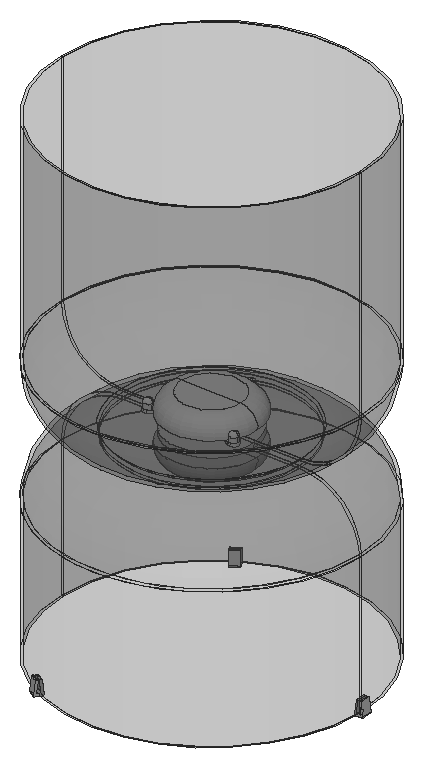
Revit family "Totem Table Light", category Lighting Fixtures, Revit 2020 (continued)
Parameters (values of type "Totem Table Light CC")
     116.27   117.70   118.39   118.41   117.77   116.40   114.43   112.06   109.37   106.75   \r\n 104.25   101.67   99.01    96.24    93.42    90.48    87.47    84.25    80.80    77.01    \r\n 72.89    68.42    63.53    58.36    52.82    47.11    41.45    36.03    30.95    26.20    \r\n 21.79    17.67    13.97    10.95    8.70     7.20     6.30     5.81     5.62     5.49     \r\n 4.86     4.39     4.10     3.86     3.87     3.92     4.01     4.12     4.28     4.47     \r\n 3.54     \r\n444.70   444.80   445.39   446.09   447.29   448.39   449.80   451.22   452.65   453.83   \r\n 454.76   455.29   455.48   455.33   454.54   453.81   452.92   451.75   450.23   448.39   \r\n 446.11   443.58   440.57   437.07   433.00   428.45   423.35   418.06   412.42   406.48   \r\n 400.51   394.35   388.08   381.69   375.14   368.54   361.72   354.93   348.15   341.34   \r\n 334.42   327.48   320.65   314.03   310.24   303.92   293.78   286.60   279.90   273.72   \r\n 266.14   258.58   252.18   245.93   239.83   233.64   227.54   221.49   215.44   209.45   \r\n 203.53   197.60   191.69   185.82   180.00   174.21   168.53   162.83   157.19   151.53   \r\n 146.05   140.54   135.06   129.73   124.42   119.24   114.11   109.22   104.28   99.43    \r\n 94.77    90.20    85.89    81.76    77.85    74.19    70.83    67.85    65.23    63.07    \r\n 61.42    60.26    59.47    58.95    58.69    58.63    58.78    59.10    59.55    60.18    \r\n 60.93    61.79    62.73    63.79    64.97    66.20    67.56    68.99    70.41    71.91    \r\n 73.48    75.10    76.75    78.44    80.22    81.97    83.81    85.62    87.49    89.25    \r\n 91.15    93.07    95.04    97.03    99.05    101.05   103.06   105.04   107.03   109.01   \r\n 110.95   112.65   113.55   113.76   113.37   112.40   110.89   108.97   106.72   104.39   \r\n 101.97   99.45    96.88    94.32    91.75    89.03    86.16    83.07    79.76    76.22    \r\n 72.30    67.99    63.23    58.09    52.61    46.95    41.40    35.99    30.90    26.25    \r\n 22.03    18.12    14.53    11.51    9.20     7.58     6.61     6.12     5.90     5.77     \r\n 5.22     4.67     4.42     4.07     4.04     4.10     4.19     4.32     4.48     4.70     \r\n 3.54     \r\n401.15   401.34   401.64   402.38   403.17   404.19   405.44   406.90   408.41   409.83   \r\n 411.01   411.89   412.52   412.87   412.91   412.57   411.97   410.99   409.72   407.91   \r\n 405.94   403.54   400.82   397.60   393.96   389.75   385.22   380.29   375.25   369.92   \r\n 364.36   358.76   352.85   347.01   341.02   334.99   328.73   322.61   316.38   310.12   \r\n 303.94   297.68   291.33   285.09   279.08   271.90   264.73   258.71   252.75   246.93   \r\n 241.16   235.47   229.83   224.32   218.80   213.30   207.90   202.47   197.06   191.75   \r\n 186.45   181.24   175.93   170.73   165.49   160.28   155.18   150.10   145.02   140.02   \r\n 135.05   130.11   125.26   120.44   115.65   110.97   106.37   101.85   97.39    93.07    \r\n 88.88    84.76    80.93    77.10    73.53    70.21    67.07    64.20    61.67    59.50    \r\n 57.72    56.38    55.52    54.97    54.65    54.52    54.56    54.78    55.14    55.66    \r\n 56.33    57.09    57.96    58.91    59.97    61.08    62.26    63.50    64.80    66.14    \r\n 67.50    68.94    70.41    71.93    73.44    75.01    76.63    78.29    79.98    81.70    \r\n 83.45    85.21    87.00    88.80    90.58    92.35    94.15    95.87    97.62    99.35    \r\n 101.08   102.80   104.13   104.88   105.14   104.89   104.09   102.73   100.94   98.98    \r\n 96.87    94.64    92.41    89.99    87.42    84.63    81.67    78.50    75.14    71.63    \r\n 67.87    63.88    59.55    55.03    50.22    45.21    40.21    35.29    30.58    26.20    \r\n 22.12    18.35    14.88    11.83    9.27     7.38     6.09     5.33     4.96     4.80     \r\n 4.45     3.85     3.45     3.23     3.26     3.30     3.33     3.34     3.35     3.41     \r\n 3.54     \r\n406.15   406.39   406.78   407.56   408.50   409.67   410.94   412.35   413.88   415.36   \r\n 416.68   417.67   418.45   418.99   419.14   419.05   418.56   417.64   416.51   414.88   \r\n 412.84   410.42   407.40   403.92   400.02   395.68   391.03   386.08   380.86   375.44   \r\n 369.90   364.17   358.42   352.50   346.45   340.39   334.13   328.02   321.76   315.48   \r\n 309.21   302.96   296.64   290.42   284.19   277.99   271.84   265.79   259.84   253.84   \r\n 247.97   242.17   236.48   230.84   225.29   219.70   214.26   208.84   203.30   197.89   \r\n 192.39   187.00   181.57   176.27   170.92   165.68   160.48   155.26   150.04   144.89   \r\n 139.77   134.23   128.69   123.82   118.95   114.17   109.44   104.83   100.24   95.83    \r\n 91.48    87.26    83.26    79.33    75.64    72.14    68.86    65.87    63.17    60.86    \r\n 58.91    57.43    56.40    55.76    55.33    55.14    55.11    55.26    55.59    56.08    \r\n 56.70    57.44    58.27    59.22    60.24    61.34    62.51    63.72    64.99    66.32    \r\n 67.71    69.15    70.61    72.12    73.71    75.28    76.94    78.59    80.32    82.06    \r\n 83.81    85.62    87.43    89.23    91.04    92.84    94.66    96.45    98.25    100.05   \r\n 101.84   103.64   105.29   106.40   106.98   107.01   106.44   105.32   103.72   101.74   \r\n 99.60    97.23    94.70    92.11    89.51    86.76    83.81    80.63    77.25    73.64    \r\n 69.76    65.64    61.21    56.60    51.67    46.58    41.57    36.59    31.88    27.42    \r\n 23.35    19.55    16.06    12.89    10.18    8.10     6.66     5.77     5.26     4.94     \r\n 4.35     3.92     3.60     3.32     3.33     3.37     3.41     3.44     3.45     3.49     \r\n 3.54     \r\n411.05   411.11   411.50   412.19   413.22   414.41   415.66   417.06   418.61   420.09   \r\n 421.36   422.39   423.32   423.90   424.19   424.05   423.59   422.67   421.39   419.74   \r\n 417.62   415.12   411.96   408.44   404.58   400.21   395.60   390.68   385.55   380.12   \r\n 374.61   368.95   363.08   357.14   351.14   345.14   338.96   332.88   326.53   320.21   \r\n 313.91   307.66   301.29   294.91   288.65   282.31   276.19   269.02   261.87   255.95   \r\n 250.05   244.25   238.50   232.87   227.26   221.66   216.19   210.73   205.24   199.77   \r\n 194.35   188.91   183.50   178.16   172.82   167.52   162.27   156.99   151.81   146.63   \r\n 141.50   136.39   131.33   126.36   121.37   116.54   111.73   107.02   102.38   97.85    \r\n 93.43    89.12    85.01    80.95    77.11    73.53    70.13    66.98    64.16    61.67    \r\n 59.56    57.90    56.71    55.95    55.43    55.13    55.02    55.09    55.33    55.74    \r\n 56.31    56.99    57.79    58.70    59.69    60.76    61.89    63.09    64.34    65.68    \r\n 67.03    68.43    69.88    71.34    72.86    74.46    76.07    77.73    79.43    81.18    \r\n 82.94    84.73    86.54    88.37    90.14    91.93    93.75    95.52    97.33    99.14    \r\n 100.93   102.75   104.51   105.82   106.52   106.71   106.34   105.37   103.79   101.84   \r\n 99.60    97.26    94.94    92.50    89.90    87.14    84.25    81.21    77.99    74.53    \r\n 70.77    66.73    62.33    57.80    53.03    48.14    43.20    38.30    33.54    29.11    \r\n 25.01    21.18    17.57    14.30    11.34    9.00     7.26     6.12     5.41     4.77     \r\n 4.21     3.93     3.53     3.30     3.33     3.39     3.44     3.47     3.49     3.53     \r\n 3.54     \r\n415.12   415.22   415.71   416.48   417.66   418.89   420.30   421.77   423.26   424.83   \r\n 426.34   427.43   428.26   428.80   428.90   428.61   427.83   426.75   425.24   423.27   \r\n 421.03   418.41   415.39   412.02   408.16   403.99   399.27   394.33   389.18   383.84   \r\n 378.31   372.69   366.90   361.07   355.20   349.20   343.08   336.95   330.72   324.33   \r\n 317.98   311.63   305.14   298.66   292.37   285.86   279.56   273.28   267.17   261.02   \r\n 255.08   249.16   243.31   237.60   232.02   226.30   220.63   215.07   209.48   204.00   \r\n 198.41   192.91   187.39   181.99   176.54   171.13   165.86   160.51   155.19   149.83   \r\n 144.67   139.44   133.85   128.26   123.22   118.34   113.48   108.70   104.01   99.42    \r\n 94.92    90.52    86.32    82.23    78.32    74.58    71.12    67.87    64.94    62.39    \r\n 60.19    58.43    57.16    56.32    55.74    55.39    55.24    55.25    55.45    55.80    \r\n 56.32    56.95    57.72    58.60    59.57    60.64    61.78    62.97    64.23    65.54    \r\n 66.91    68.31    69.73    71.18    72.69    74.23    75.83    77.44    79.10    80.82    \r\n 82.55    84.32    86.11    87.92    89.72    91.49    93.29    95.05    96.82    98.59    \r\n 100.36   102.13   103.82   104.88   105.45   105.50   104.92   103.76   102.12   100.21   \r\n 98.15    95.97    93.73    91.39    88.97    86.46    83.73    80.75    77.53    74.11    \r\n 70.51    66.76    62.76    58.56    54.03    49.20    44.31    39.34    34.53    29.96    \r\n 25.74    21.82    18.24    14.85    11.77    9.25     7.37     6.10     5.18     4.46     \r\n 4.17     3.99     3.44     3.33     3.35     3.40     3.46     3.52     3.56     3.59     \r\n 3.54     \r\n418.85   418.85   419.15   419.93   421.12   422.53   424.00   425.64   427.39   429.11   \r\n 430.53   431.66   432.39   432.73   432.73   432.24   431.40   430.07   428.43   426.51   \r\n 424.27   421.83   419.10   415.90   412.27   408.01   403.38   398.35   393.07   387.55   \r\n 382.04   376.37   370.61   364.73   358.78   352.82   346.77   340.62   334.28   327.97   \r\n 321.55   315.07   308.52   302.04   295.50   288.97   282.55   276.34   269.03   261.74   \r\n 255.72   249.83   244.08   238.38   232.68   226.98   221.41   215.81   210.20   204.68   \r\n 199.23   193.63   188.13   182.79   177.33   171.90   166.56   161.18   155.88   150.56   \r\n 145.35   140.12   134.97   129.86   124.76   119.84   114.91   110.08   105.33   100.69   \r\n 96.15    91.72    87.48    83.31    79.32    75.60    72.02    68.74    65.72    63.06    \r\n 60.75    58.86    57.46    56.53    55.89    55.47    55.26    55.25    55.41    55.73    \r\n 56.22    56.82    57.58    58.46    59.42    60.47    61.63    62.79    64.10    65.49    \r\n 66.91    68.36    69.83    71.34    72.90    74.47    76.07    77.72    79.40    81.10    \r\n 82.80    84.54    86.32    88.12    89.95    91.78    93.62    95.40    97.21    98.98    \r\n 100.72   102.46   104.15   105.22   105.60   105.38   104.65   103.41   101.70   99.67    \r\n 97.51    95.30    93.05    90.71    88.26    85.72    83.17    80.54    77.85    75.03    \r\n 71.89    68.39    64.49    60.32    55.85    51.13    46.21    41.05    35.96    31.15    \r\n 26.77    22.85    19.21    15.76    12.42    9.69     7.59     6.06     4.99     4.42     \r\n 4.21     3.94     3.38     3.34     3.35     3.39     3.44     3.49     3.55     3.60     \r\n 3.54     \r\n421.75   421.94   422.43   423.49   424.86   426.54   428.21   430.02   431.83   433.69   \r\n 435.11   436.20   436.84   437.14   437.04   436.70   435.97   434.85   433.34   431.61   \r\n 429.64   427.47   424.81   421.49   417.73   413.43   408.62   403.31   397.90   392.27   \r\n 386.37   380.50   374.55   368.52   362.44   356.21   349.91   343.75   337.23   330.74   \r\n 324.22   317.72   311.16   304.61   298.02   291.42   284.85   278.47   272.11   265.94   \r\n 259.82   253.86   248.02   242.24   236.51   230.77   225.04   219.32   213.70   208.09   \r\n 202.46   196.82   191.23   185.77   180.29   174.79   169.33   163.96   158.51   153.12   \r\n 147.83   142.56   137.33   131.67   126.02   120.98   116.03   111.17   106.35   101.71   \r\n 97.09    92.60    88.31    84.15    80.13    76.34    72.77    69.46    66.45    63.78    \r\n 61.46    59.61    58.19    57.27    56.61    56.22    56.02    56.05    56.28    56.70    \r\n 57.24    57.95    58.78    59.74    60.79    61.92    63.14    64.45    65.82    67.27    \r\n 68.78    70.29    71.89    73.54    75.22    76.94    78.71    80.45    82.24    84.09    \r\n 85.93    87.79    89.67    91.57    93.44    95.32    97.24    99.14    101.09   103.08   \r\n 104.98   106.83   108.64   109.65   110.04   109.82   108.98   107.54   105.53   103.24   \r\n 100.79   98.35    95.89    93.44    90.99    88.47    85.91    83.23    80.39    77.37    \r\n 74.13    70.60    66.69    62.49    57.88    52.91    47.77    42.50    37.33    32.46    \r\n 27.97    23.80    19.90    16.21    12.81    9.90     7.43     5.78     4.90     4.44     \r\n 4.13     3.76     3.42     3.41     3.40     3.41     3.45     3.49     3.55     3.63     \r\n 3.54     \r\n424.29   424.20   424.70   425.72   427.09   428.86   430.64   432.55   434.60   436.52   \r\n 438.08   439.20   440.04   440.48   440.52   440.28   439.63   438.66   437.41   435.84   \r\n 434.07   431.82   429.03   425.59   421.80   417.35   412.36   406.98   401.48   395.68   \r\n 389.81   383.82   377.82   371.62   365.40   359.16   352.70   346.28   339.69   333.04   \r\n 326.62   320.00   313.31   306.69   300.07   293.50   286.99   280.55   274.33   267.08   \r\n 259.85   253.89   248.05   242.32   236.56   230.80   225.15   219.44   213.78   208.19   \r\n 202.53   196.98   191.39   185.88   180.34   174.82   169.46   164.09   158.70   153.40   \r\n 148.13   142.89   137.67   132.51   127.35   122.36   117.37   112.50   107.69   102.96   \r\n 98.40    93.86    89.59    85.38    81.37    77.58    74.00    70.68    67.65    64.97    \r\n 62.64    60.80    59.46    58.59    58.01    57.67    57.56    57.66    57.95    58.42    \r\n 59.05    59.80    60.70    61.73    62.83    64.04    65.37    66.76    68.21    69.75    \r\n 71.31    72.91    74.59    76.30    78.07    79.89    81.72    83.56    85.44    87.35    \r\n 89.28    91.24    93.21    95.22    97.21    99.25    101.26   103.28   105.33   107.35   \r\n 109.33   111.31   113.25   114.53   115.18   115.05   114.22   112.96   110.91   108.51   \r\n 105.85   103.16   100.44   97.70    94.97    92.21    89.41    86.55    83.54    80.38    \r\n 76.95    73.31    69.32    65.12    60.45    55.43    50.11    44.60    39.27    34.16    \r\n 29.35    24.83    20.60    16.66    13.01    10.03    7.79     6.09     4.95     4.31     \r\n 3.98     3.79     3.46     3.44     3.44     3.44     3.45     3.48     3.54     3.61     \r\n 3.54     \r\n426.21   426.21   426.64   427.82   429.34   431.14   433.02   434.92   436.97   438.73   \r\n 440.32   441.45   442.19   442.58   442.78   442.59   442.00   440.93   439.55   437.80   \r\n 435.68   433.52   430.82   427.53   423.59   419.24   414.11   408.72   403.20   397.38   \r\n 391.49   385.41   379.29   373.07   366.74   360.29   353.76   347.22   340.62   333.83   \r\n 327.24   320.59   313.85   307.24   300.60   294.03   287.41   281.05   274.64   268.38   \r\n 262.28   256.23   250.29   244.37   238.63   232.78   226.99   221.22   215.49   209.83   \r\n 204.19   198.49   192.88   187.34   181.74   176.17   170.71   165.34   159.93   154.52   \r\n 149.21   143.92   138.62   132.98   127.33   122.32   117.34   112.48   107.67   103.03   \r\n 98.44    93.96    89.69    85.54    81.54    77.80    74.37    71.12    68.22    65.66    \r\n 63.51    61.79    60.59    59.82    59.30    59.04    59.00    59.19    59.56    60.12    \r\n 60.83    61.66    62.62    63.68    64.86    66.11    67.44    68.88    70.37    71.92    \r\n 73.56    75.23    76.96    78.76    80.59    82.45    84.37    86.29    88.28    90.29    \r\n 92.30    94.35    96.40    98.48    100.54   102.62   104.73   106.83   108.95   111.06   \r\n 113.13   115.20   117.18   118.50   119.14   119.10   118.37   117.04   115.00   112.58   \r\n 110.00   107.35   104.64   101.87   99.03    96.08    93.04    89.89    86.58    83.16    \r\n 79.53    75.57    71.29    66.72    61.75    56.39    50.85    45.19    39.64    34.34    \r\n 29.48    24.82    20.51    16.42    12.75    9.77     7.59     6.13     5.03     4.23     \r\n 3.98     3.79     3.49     3.49     3.49     3.49     3.49     3.48     3.51     3.58     \r\n 3.54     \r\n428.75   428.56   429.01   430.09   431.46   433.24   434.86   436.66   438.44   440.19   \r\n 441.66   442.74   443.37   443.76   443.81   443.51   442.68   441.50   439.97   438.29   \r\n 436.33   434.01   431.40   427.99   424.24   419.72   414.73   409.36   403.79   398.03   \r\n 392.16   386.16   380.11   373.93   367.59   361.14   354.58   348.03   341.42 
      334.65   \r\n 328.03   321.25   314.47   307.69   301.02   294.40   287.83   281.37   275.13   267.87   \r\n 260.61   254.59   248.61   242.75   236.89   231.04   225.30   219.51   213.76   208.06   \r\n 202.34   196.72   191.06   185.49   179.92   174.35   168.96   163.49   158.08   152.69   \r\n 147.41   142.12   136.94   131.76   126.60   121.59   116.61   111.75   106.96   102.28   \r\n 97.71    93.29    89.09    84.94    81.01    77.33    73.89    70.70    67.86    65.39    \r\n 63.31    61.71    60.63    59.90    59.41    59.17    59.16    59.36    59.76    60.32    \r\n 61.04    61.91    62.89    63.99    65.18    66.45    67.80    69.23    70.68    72.21    \r\n 73.80    75.45    77.18    78.95    80.76    82.62    84.51    86.46    88.43    90.43    \r\n 92.44    94.46    96.52    98.58    100.66   102.76   104.85   106.95   109.05   111.15   \r\n 113.23   115.33   117.34   118.64   119.26   119.16   118.40   117.00   115.01   112.65   \r\n 110.09   107.41   104.69   101.93   99.14    96.28    93.36    90.22    86.87    83.36    \r\n 79.64    75.73    71.54    67.08    62.11    56.80    51.30    45.69    40.15    34.80    \r\n 29.76    25.15    20.78    16.63    12.84    9.86     7.70     6.27     5.36     4.64     \r\n 4.07     3.85     3.56     3.54     3.53     3.53     3.52     3.51     3.50     3.54     \r\n 3.54     \r\n430.43   430.33   430.77   431.99   433.21   434.82   436.21   437.77   439.38   440.90   \r\n 442.04   442.82   443.36   443.52   443.37   442.69   441.77   440.53   439.06   437.25   \r\n 435.33   432.95   430.16   426.72   422.89   418.42   413.47   408.16   402.59   396.98   \r\n 391.03   385.18   379.05   372.97   366.64   360.30   353.84   347.43   340.84   334.20   \r\n 327.47   320.78   313.95   307.24   300.57   293.99   287.44   280.99   274.64   268.38   \r\n 262.26   256.21   250.18   244.16   238.32   232.39   226.52   220.66   214.82   209.09   \r\n 203.28   197.52   191.85   186.21   180.59   174.98   169.48   163.92   158.44   153.03   \r\n 147.61   142.25   136.97   131.31   125.65   120.60   115.59   110.74   105.94   101.28   \r\n 96.70    92.25    88.01    83.89    80.01    76.35    72.92    69.79    67.00    64.60    \r\n 62.62    61.12    60.13    59.42    58.94    58.71    58.70    58.90    59.28    59.82    \r\n 60.51    61.33    62.27    63.33    64.49    65.73    67.07    68.44    69.90    71.42    \r\n 73.00    74.61    76.27    77.97    79.70    81.50    83.34    85.20    87.11    89.08    \r\n 91.05    93.07    95.10    97.19    99.23    101.31   103.40   105.47   107.58   109.68   \r\n 111.77   113.85   115.69   116.77   117.11   116.77   115.83   114.23   112.05   109.55   \r\n 106.92   104.26   101.55   98.79    96.01    93.10    90.19    87.22    84.20    80.94    \r\n 77.44    73.64    69.51    65.11    60.25    55.07    49.67    44.15    38.73    33.60    \r\n 28.83    24.22    19.89    15.85    12.18    9.30     7.27     5.99     5.29     4.84     \r\n 4.33     3.92     3.66     3.64     3.63     3.62     3.60     3.58     3.56     3.54     \r\n 3.54     \r\n"
  MATERIAL ROOF ATTACHMENT PIECE = Steel, Paint Finish, Ivory, Glossy
  MATERIAL LIGHT PIECE ATTACHMENT = Steel, Paint Finish, Ivory, Glossy
  MATERIAL LIGHT PIECE = Cloth, Lamp Shade
  MATERIAL CABLE = Steel, Paint Finish, Ivory, Glossy
  Lumens = 1800 lm
  built-in parameter 1150115 = 1 (stored number, unit not read)
  built-in parameter 1150105 = 452.14 (stored number, unit not read)
  built-in parameter 1150137 = (empty or 0)
  built-in parameter 1150139 = (empty or 0)
  built-in parameter 1150112 = 1 (stored number, unit not read)
  built-in parameter 1150114 = 1 (stored number, unit not read)
  built-in parameter 1150132 = 2
  built-in parameter 1150102 = (empty or 0)
  built-in parameter 1150138 = (empty or 0)
  built-in parameter 1150107 = 2700 (stored number, unit not read)
  built-in parameter 1150106 = 4.5214 (stored number, unit not read)
  Emit from Circle Diameter = 2' - 0"
  Emit Shape Visible in Rendering = no
  built-in parameter 1150104 = 13.8 (stored number, unit not read)
  Dimming Lamp Color Temperature Shift = <None>
  Default Elevation = 0' - 0"
  Color Filter = 16777215
  built-in parameter 1114218 = 1 (stored number, unit not read)
  built-in parameter 1150133 = 10 (stored number, unit not read)
Reference planes (in)
  plane 1 "Light Source Axis (F/B)": y = 0
  plane 2: z = 0
  plane 3 "Light Source Axis (L/R)": x = 0
  plane 4 "Light Source Elevation": z = 12.56609
  plane 5 "TOP": z = 11.05035
Forms (in)
  Revolve 1, solid, material "Cloth, Lamp Shade" <- "MATERIAL LIGHT PIECE", visible <- "TOTEM TABLE LIGHT BA"
    sketch origin (11.23831, 0, 27.77308) x (1, 0, 0) y (0, 0, 1)
      loop
        line (-7.49624, -27.77308) -> (-7.37124, -27.77308) -> (-7.37124, -26.32931)
        arc (-7.37124, -26.32931) -> (-6.44438, -24.33561) -> (-4.40142, -23.52308) r 2.97459
        line (-4.40142, -23.52308) -> (0.02067, -23.52308) -> (0.02067, -23.39808) -> (-4.39499, -23.39808)
        arc (-4.39499, -23.39808) -> (-6.58157, -24.24067) -> (-7.49624, -26.39808) r 3.00165
        line (-7.49624, -26.39808) -> (-7.49624, -27.77308)
      axis (0.02067, -23.39808) -> (0.02067, -27.77308)
    angle from 0 to 360
  Revolve 2, solid, material "Steel, Paint Finish, Ivory, Glossy" <- "MATERIAL LIGHT PIECE ATTACHMENT", visible <- "TOTEM TABLE LIGHT BA"
    sketch origin (11.23831, 0, 18.1908) x (1, 0, 0) y (0, 0, 1)
      loop
        line (-2.11485, -13.57958) -> (-2.11485, -13.8158) -> (-0.52036, -13.8158) -> (-0.52036, -14.1908) -> (-2.27036, -14.1908)
        arc (-2.27036, -14.1908) -> (-2.07476, -14.83649) -> (-1.46027, -15.11501) r 0.81714
        line (-1.46027, -15.11501) -> (0.01315, -15.11501) -> (0.01315, -12.02544) -> (-1.46027, -12.02544)
        arc (-1.46027, -12.02544) -> (-2.07476, -12.30396) -> (-2.27036, -12.94965) r 0.81714
        line (-2.27036, -12.94965) -> (-0.36288, -12.94965) -> (-0.36288, -13.04808) -> (-0.97312, -13.04808) -> (-0.97312, -13.26462) -> (-0.52036, -13.26462) -> (-0.52036, -13.57958) -> (-2.11485, -13.57958)
      axis (0.01315, -15.11501) -> (0.01315, -12.02544)
    angle from 0 to 360
  Extrusion 3, solid, material "Steel, Paint Finish, Ivory, Glossy" <- "MATERIAL LIGHT PIECE ATTACHMENT", visible <- "TOTEM TABLE LIGHT BA"
    sketch origin (11.23831, 0, 18.1908) x (1, 0, 0) y (0, 1, 0)
      loop
        line (-1.33969, -0.4844) -> (-2.29436, -1.03558)
        arc (-2.29436, -1.03558) -> (-2.38082, -1.35827) -> (-2.05814, -1.44473) r 0.23622
        line (-2.05814, -1.44473) -> (-1.10347, -0.89355) -> (-1.33969, -0.4844)
      loop
        line (2.23789, -1.03558) -> (1.28322, -0.4844) -> (1.047, -0.89355) -> (2.00167, -1.44473)
        arc (2.00167, -1.44473) -> (2.32435, -1.35827) -> (2.23789, -1.03558) r 0.23622
      loop
        line (0.20799, 1.37795) -> (0.20799, 2.48032)
        arc (0.20799, 2.48032) -> (-0.02823, 2.71654) -> (-0.26446, 2.48032) r 0.23622
        line (-0.26446, 2.48032) -> (-0.26446, 1.37795) -> (0.20799, 1.37795)
    from -13.06904 to -12.94965
  Revolve 4, solid, material "Steel, Paint Finish, Ivory, Glossy" <- "MATERIAL LIGHT PIECE ATTACHMENT", visible <- "TOTEM TABLE LIGHT BA"
    sketch origin (11.23831, -1.24006, 18.1908) x (1, 0, 0) y (0, 0, 1)
      loop
        line (-2.37216, -12.94965) -> (-2.1761, -12.94965) -> (-2.1761, -12.52184) -> (-2.22145, -12.52184)
        arc (-2.22145, -12.52184) -> (-2.32988, -12.59016) -> (-2.37216, -12.71114) r 0.19424
        line (-2.37216, -12.71114) -> (-2.37216, -12.94965)
      axis (-2.1761, -12.94965) -> (-2.1761, -12.52184)
    angle from 0 to 360
  Revolve 5, solid, material "Steel, Paint Finish, Ivory, Glossy" <- "MATERIAL LIGHT PIECE ATTACHMENT", visible <- "TOTEM TABLE LIGHT BA"
    sketch origin (15.53434, -1.24006, 18.1908) x (1, 0, 0) y (0, 0, 1)
      loop
        line (-2.37216, -12.94965) -> (-2.1761, -12.94965) -> (-2.1761, -12.52184) -> (-2.22145, -12.52184)
        arc (-2.22145, -12.52184) -> (-2.32988, -12.59016) -> (-2.37216, -12.71114) r 0.19424
        line (-2.37216, -12.71114) -> (-2.37216, -12.94965)
      axis (-2.1761, -12.94965) -> (-2.1761, -12.52184)
    angle from 0 to 360
  Revolve 6, solid, material "Steel, Paint Finish, Ivory, Glossy" <- "MATERIAL LIGHT PIECE ATTACHMENT", visible <- "TOTEM TABLE LIGHT BA"
    sketch origin (13.38631, 2.48045, 18.1908) x (1, 0, 0) y (0, 0, 1)
      loop
        line (-2.37216, -12.94965) -> (-2.1761, -12.94965) -> (-2.1761, -12.52184) -> (-2.22145, -12.52184)
        arc (-2.22145, -12.52184) -> (-2.32988, -12.59016) -> (-2.37216, -12.71114) r 0.19424
        line (-2.37216, -12.71114) -> (-2.37216, -12.94965)
      axis (-2.1761, -12.94965) -> (-2.1761, -12.52184)
    angle from 0 to 360
  Revolve 7, solid, material "Cloth, Lamp Shade" <- "MATERIAL LIGHT PIECE", visible <- "TOTEM TABLE LIGHT BA"
    sketch origin (11.23831, 0, -7.6658) x (1, 0, 0) y (0, 0, 1)
      loop
        line (-7.49624, 16.52702) -> (-7.49624, 15.27702)
        arc (-7.49624, 15.27702) -> (-6.58157, 13.1196) -> (-4.39499, 12.27702) r 3.00165
        line (-4.39499, 12.27702) -> (0.02067, 12.27702) -> (0.02067, 12.40202) -> (-4.4761, 12.40202)
        arc (-4.4761, 12.40202) -> (-6.52327, 13.24999) -> (-7.37124, 15.29716) r 2.89514
        line (-7.37124, 15.29716) -> (-7.37124, 16.52702) -> (-7.49624, 16.52702)
      axis (0.02067, 12.27702) -> (0.02067, 16.52702)
    angle from 0 to 360
  Extrusion 8, solid, material "Steel, Paint Finish, Ivory, Glossy" <- "MATERIAL LIGHT PIECE ATTACHMENT", visible <- "TOTEM TABLE LIGHT BA"
    sketch origin (54.8095, -24.84414, 5.90663) x (1, 0, 0) y (0, 0, 1)
      loop
        line (-36.00226, -5.90323) -> (-36.21328, -5.90323) -> (-36.1562, -5.33237) -> (-36.23533, -5.33237) -> (-36.30187, -5.99774)
        arc (-36.30187, -5.99774) -> (-36.29188, -6.02808) -> (-36.26269, -6.04103) r 0.03937
        line (-36.26269, -6.04103) -> (-35.95128, -6.04103)
        arc (-35.95128, -6.04103) -> (-35.92314, -6.02804) -> (-35.91359, -5.99855) r 0.03864
        line (-35.91359, -5.99855) -> (-35.98021, -5.33237) -> (-36.05934, -5.33237) -> (-36.00226, -5.90323)
    from -25.22435 to -24.75191
  Extrusion 9, solid, material "Steel, Paint Finish, Ivory, Glossy" <- "MATERIAL LIGHT PIECE ATTACHMENT", visible <- "TOTEM TABLE LIGHT BA"
    sketch origin (-31.99248, -25.29753, 5.90663) x (-0.500216, -0.865901, 0) y (0, 0, 1)
      loop
        line (-36.00226, -5.90323) -> (-36.21328, -5.90323) -> (-36.1562, -5.33237) -> (-36.23533, -5.33237) -> (-36.30187, -5.99774)
        arc (-36.30187, -5.99774) -> (-36.29188, -6.02808) -> (-36.26269, -6.04103) r 0.03937
        line (-36.26269, -6.04103) -> (-35.95128, -6.04103)
        arc (-35.95128, -6.04103) -> (-35.92314, -6.02804) -> (-35.91359, -5.99855) r 0.03864
        line (-35.91359, -5.99855) -> (-35.98021, -5.33237) -> (-36.05934, -5.33237) -> (-36.00226, -5.90323)
    from -25.22435 to -24.75191
  Extrusion 10, solid, material "Steel, Paint Finish, Ivory, Glossy" <- "MATERIAL LIGHT PIECE ATTACHMENT", visible <- "TOTEM TABLE LIGHT BA"
    sketch origin (10.95301, 50.11178, 5.90663) x (-0.499769, 0.866159, 0) y (0, 0, 1)
      loop
        line (-36.00226, -5.90323) -> (-36.21328, -5.90323) -> (-36.1562, -5.33237) -> (-36.23533, -5.33237) -> (-36.30187, -5.99774)
        arc (-36.30187, -5.99774) -> (-36.29188, -6.02808) -> (-36.26269, -6.04103) r 0.03937
        line (-36.26269, -6.04103) -> (-35.95128, -6.04103)
        arc (-35.95128, -6.04103) -> (-35.92314, -6.02804) -> (-35.91359, -5.99855) r 0.03864
        line (-35.91359, -5.99855) -> (-35.98021, -5.33237) -> (-36.05934, -5.33237) -> (-36.00226, -5.90323)
    from -25.22435 to -24.75191
  Revolve 11, solid, material "Cloth, Lamp Shade" <- "MATERIAL LIGHT PIECE", visible <- "TOTEM TABLE LIGHT BB"
    sketch origin (11.23831, 0, 27.77308) x (1, 0, 0) y (0, 0, 1)
      loop
        line (-7.49624, -27.77308) -> (-7.37124, -27.77308) -> (-7.37124, -26.45431)
        arc (-7.37124, -26.45431) -> (-6.44438, -24.46061) -> (-4.40142, -23.64808) r 2.97459
        line (-4.40142, -23.64808) -> (0.02067, -23.64808) -> (0.02067, -23.52308) -> (-4.39499, -23.52308)
        arc (-4.39499, -23.52308) -> (-6.58157, -24.36567) -> (-7.49624, -26.52308) r 3.00165
        line (-7.49624, -26.52308) -> (-7.49624, -27.77308)
      axis (0.02067, -23.52308) -> (0.02067, -27.77308)
    angle from 0 to 360
  Revolve 12, solid, material "Steel, Paint Finish, Ivory, Glossy" <- "MATERIAL LIGHT PIECE ATTACHMENT", visible <- "TOTEM TABLE LIGHT BB"
    sketch origin (11.23831, 0, 18.0658) x (1, 0, 0) y (0, 0, 1)
      loop
        line (-2.11485, -13.57958) -> (-2.11485, -13.8158) -> (-0.52036, -13.8158) -> (-0.52036, -14.1908) -> (-2.27036, -14.1908)
        arc (-2.27036, -14.1908) -> (-2.07476, -14.83649) -> (-1.46027, -15.11501) r 0.81714
        line (-1.46027, -15.11501) -> (0.01315, -15.11501) -> (0.01315, -12.02544) -> (-1.46027, -12.02544)
        arc (-1.46027, -12.02544) -> (-2.07476, -12.30396) -> (-2.27036, -12.94965) r 0.81714
        line (-2.27036, -12.94965) -> (-0.36288, -12.94965) -> (-0.36288, -13.04808) -> (-0.97312, -13.04808) -> (-0.97312, -13.26462) -> (-0.52036, -13.26462) -> (-0.52036, -13.57958) -> (-2.11485, -13.57958)
      axis (0.01315, -15.11501) -> (0.01315, -12.02544)
    angle from 0 to 360
  Extrusion 13, solid, material "Steel, Paint Finish, Ivory, Glossy" <- "MATERIAL LIGHT PIECE ATTACHMENT", visible <- "TOTEM TABLE LIGHT BB"
    sketch origin (11.23831, 0, 18.0658) x (1, 0, 0) y (0, 1, 0)
      loop
        line (-1.33969, -0.4844) -> (-2.29436, -1.03558)
        arc (-2.29436, -1.03558) -> (-2.38082, -1.35827) -> (-2.05814, -1.44473) r 0.23622
        line (-2.05814, -1.44473) -> (-1.10347, -0.89355) -> (-1.33969, -0.4844)
      loop
        line (2.23789, -1.03558) -> (1.28322, -0.4844) -> (1.047, -0.89355) -> (2.00167, -1.44473)
        arc (2.00167, -1.44473) -> (2.32435, -1.35827) -> (2.23789, -1.03558) r 0.23622
      loop
        line (0.20799, 1.37795) -> (0.20799, 2.48032)
        arc (0.20799, 2.48032) -> (-0.02823, 2.71654) -> (-0.26446, 2.48032) r 0.23622
        line (-0.26446, 2.48032) -> (-0.26446, 1.37795) -> (0.20799, 1.37795)
    from -13.06904 to -12.94965
  Revolve 14, solid, material "Steel, Paint Finish, Ivory, Glossy" <- "MATERIAL LIGHT PIECE ATTACHMENT", visible <- "TOTEM TABLE LIGHT BB"
    sketch origin (11.23831, -1.24006, 18.0658) x (1, 0, 0) y (0, 0, 1)
      loop
        line (-2.37216, -12.94965) -> (-2.1761, -12.94965) -> (-2.1761, -12.52184) -> (-2.22145, -12.52184)
        arc (-2.22145, -12.52184) -> (-2.32988, -12.59016) -> (-2.37216, -12.71114) r 0.19424
        line (-2.37216, -12.71114) -> (-2.37216, -12.94965)
      axis (-2.1761, -12.94965) -> (-2.1761, -12.52184)
    angle from 0 to 360
  Revolve 15, solid, material "Steel, Paint Finish, Ivory, Glossy" <- "MATERIAL LIGHT PIECE ATTACHMENT", visible <- "TOTEM TABLE LIGHT BB"
    sketch origin (15.53434, -1.24006, 18.0658) x (1, 0, 0) y (0, 0, 1)
      loop
        line (-2.37216, -12.94965) -> (-2.1761, -12.94965) -> (-2.1761, -12.52184) -> (-2.22145, -12.52184)
        arc (-2.22145, -12.52184) -> (-2.32988, -12.59016) -> (-2.37216, -12.71114) r 0.19424
        line (-2.37216, -12.71114) -> (-2.37216, -12.94965)
      axis (-2.1761, -12.94965) -> (-2.1761, -12.52184)
    angle from 0 to 360
  Revolve 16, solid, material "Steel, Paint Finish, Ivory, Glossy" <- "MATERIAL LIGHT PIECE ATTACHMENT", visible <- "TOTEM TABLE LIGHT BB"
    sketch origin (13.38631, 2.48045, 18.0658) x (1, 0, 0) y (0, 0, 1)
      loop
        line (-2.37216, -12.94965) -> (-2.1761, -12.94965) -> (-2.1761, -12.52184) -> (-2.22145, -12.52184)
        arc (-2.22145, -12.52184) -> (-2.32988, -12.59016) -> (-2.37216, -12.71114) r 0.19424
        line (-2.37216, -12.71114) -> (-2.37216, -12.94965)
      axis (-2.1761, -12.94965) -> (-2.1761, -12.52184)
    angle from 0 to 360
  Revolve 17, solid, material "Cloth, Lamp Shade" <- "MATERIAL LIGHT PIECE", visible <- "TOTEM TABLE LIGHT BB"
    sketch origin (11.23831, 0, -7.7908) x (1, 0, 0) y (0, 0, 1)
      loop
        line (-7.49624, 22.27702) -> (-7.49624, 15.27702)
        arc (-7.49624, 15.27702) -> (-6.58157, 13.1196) -> (-4.39499, 12.27702) r 3.00165
        line (-4.39499, 12.27702) -> (0.02067, 12.27702) -> (0.02067, 12.40202) -> (-4.4761, 12.40202)
        arc (-4.4761, 12.40202) -> (-6.52327, 13.24999) -> (-7.37124, 15.29716) r 2.89514
        line (-7.37124, 15.29716) -> (-7.37124, 22.27702) -> (-7.49624, 22.27702)
      axis (0.02067, 12.27702) -> (0.02067, 22.27702)
    angle from 0 to 360
  Extrusion 18, solid, material "Steel, Paint Finish, Ivory, Glossy" <- "MATERIAL LIGHT PIECE ATTACHMENT", visible <- "TOTEM TABLE LIGHT BB"
    sketch origin (54.8095, -24.84414, 5.90663) x (1, 0, 0) y (0, 0, 1)
      loop
        line (-36.00226, -5.90323) -> (-36.21328, -5.90323) -> (-36.1562, -5.33237) -> (-36.23533, -5.33237) -> (-36.30187, -5.99774)
        arc (-36.30187, -5.99774) -> (-36.29188, -6.02808) -> (-36.26269, -6.04103) r 0.03937
        line (-36.26269, -6.04103) -> (-35.95128, -6.04103)
        arc (-35.95128, -6.04103) -> (-35.92314, -6.02804) -> (-35.91359, -5.99855) r 0.03864
        line (-35.91359, -5.99855) -> (-35.98021, -5.33237) -> (-36.05934, -5.33237) -> (-36.00226, -5.90323)
    from -25.22435 to -24.75191
  Extrusion 19, solid, material "Steel, Paint Finish, Ivory, Glossy" <- "MATERIAL LIGHT PIECE ATTACHMENT", visible <- "TOTEM TABLE LIGHT BB"
    sketch origin (-31.99248, -25.29753, 5.90663) x (-0.500216, -0.865901, 0) y (0, 0, 1)
      loop
        line (-36.00226, -5.90323) -> (-36.21328, -5.90323) -> (-36.1562, -5.33237) -> (-36.23533, -5.33237) -> (-36.30187, -5.99774)
        arc (-36.30187, -5.99774) -> (-36.29188, -6.02808) -> (-36.26269, -6.04103) r 0.03937
        line (-36.26269, -6.04103) -> (-35.95128, -6.04103)
        arc (-35.95128, -6.04103) -> (-35.92314, -6.02804) -> (-35.91359, -5.99855) r 0.03864
        line (-35.91359, -5.99855) -> (-35.98021, -5.33237) -> (-36.05934, -5.33237) -> (-36.00226, -5.90323)
    from -25.22435 to -24.75191
  Extrusion 20, solid, material "Steel, Paint Finish, Ivory, Glossy" <- "MATERIAL LIGHT PIECE ATTACHMENT", visible <- "TOTEM TABLE LIGHT BB"
    sketch origin (10.95301, 50.11178, 5.90663) x (-0.499769, 0.866159, 0) y (0, 0, 1)
      loop
        line (-36.00226, -5.90323) -> (-36.21328, -5.90323) -> (-36.1562, -5.33237) -> (-36.23533, -5.33237) -> (-36.30187, -5.99774)
        arc (-36.30187, -5.99774) -> (-36.29188, -6.02808) -> (-36.26269, -6.04103) r 0.03937
        line (-36.26269, -6.04103) -> (-35.95128, -6.04103)
        arc (-35.95128, -6.04103) -> (-35.92314, -6.02804) -> (-35.91359, -5.99855) r 0.03864
        line (-35.91359, -5.99855) -> (-35.98021, -5.33237) -> (-36.05934, -5.33237) -> (-36.00226, -5.90323)
    from -25.22435 to -24.75191
  Revolve 21, solid, material "Cloth, Lamp Shade" <- "MATERIAL LIGHT PIECE", visible <- "TOTEM TABLE LIGHT CA"
    sketch origin (11.23831, 0, 27.77308) x (1, 0, 0) y (0, 0, 1)
      loop
        line (-7.49624, -27.77308) -> (-7.37124, -27.77308) -> (-7.37124, -26.45431)
        arc (-7.37124, -26.45431) -> (-6.44438, -24.46061) -> (-4.40142, -23.64808) r 2.97459
        line (-4.40142, -23.64808) -> (0.02067, -23.64808) -> (0.02067, -23.52308) -> (-4.39499, -23.52308)
        arc (-4.39499, -23.52308) -> (-6.58157, -24.36567) -> (-7.49624, -26.52308) r 3.00165
        line (-7.49624, -26.52308) -> (-7.49624, -27.77308)
      axis (0.02067, -23.52308) -> (0.02067, -27.77308)
    angle from 0 to 360
